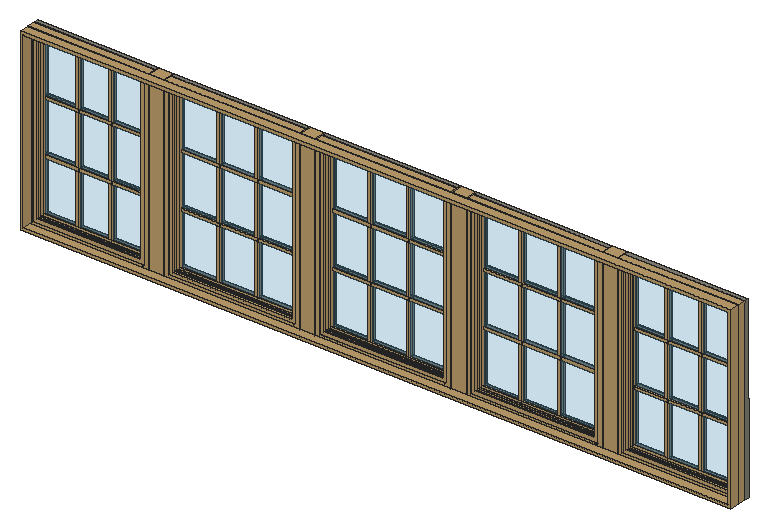
Revit family
Parameters (values of type "CCNTPRYCA3648")
  Window Type = "Clad Contemporary Casement"
  Vent Area = VO Width * VO Height * 2  # 14.5236 SF
  VO Width = if(Operating Width < 1' 8", Operating Width - 0' 9 19/32", Operating Width - 0' 7 7/64")  # 2' - 0 57/64"
  VO Height = Height - 0' 5 29/256"  # 3' - 6 3/256"
  URL = "www.marvin.com"
  Stationary Width = if(Standard Marvin Widths, Stationary Unit Standard Width, Stationary Unit Width)  # 3' - 0"
  Stationary Units Array = if(Stationary Units < 2, 2, Stationary Units)  # 3
  Stationary Units = (Mulled Units - 2)  # 3
  Stationary Unit Width = Nominal Width Center Unit  # 3' - 0"
  Standard Marvin Widths = yes
  Prairie Corner Width = 0' - 4"
  Prairie Corner Height = 0' - 4"
  Operating Width = if(Standard Marvin Widths, Operating Unit Standard Width, Operating Unit Width)  # 2' - 8"
  Operating Units = 2  # constant formula
  Operating Unit Width = 2' - 8"
  Operating Unit Standard Width = Calc_Width Operating  # 2' - 8"
  Stationary Unit Standard Width = Calc_Width Stationary  # 3' - 0"
  Stationary Unit Mull Width = (Stationary Units * Stationary Width) + ((Stationary Units + 1) * Mull Space)  # 10' - 4"
  Stationary Single Visibility = Mulled Units Array = 3  # no
  Stationary Array Visibility = Mulled Units Array > 3  # yes
  Space = if(Mull Space > 0' 0 1/32", Mull Space, 0' 0 1/32")  # 0' - 4"
  Plan Swing Angle [instance] = 15.00°
  Offset = if(Bottom Rail Standard, 0' 2 29/32", 0' 4 13/32")  # 0' - 2 29/32"
  Nominal Width Center Unit = 3' - 0"
  Nominal Height = 4' - 0"
  Muntins Interior Material = Wood-Marvin-Pine
  Muntins Exterior Material = Aluminum-Marvin-Bronze
  Mulled Units Array = if(Mulled Units < 2, 2, Mulled Units)  # 5
  Mulled Units = 5
  Mull Space Units = if(Mulled Units < 3, 2, (Mulled Units - 1))  # 4
  Mull Space Single Visibility = and(Mulled Units Array = 2, Mull Space > 0' 0 1/32")  # no
  Mull Space Array Visibility = and(Mulled Units Array > 2, Mull Space > 0' 0 1/32")  # yes
  Mull Space = 0' - 4"
  Model Flanker CCNTPRYCA = Calc_Model Width * 100 + Calc_Model Height  # 3248
  Model = "CCNTPRYCA3648"
  Manufacturer = "Marvin Windows and Doors"
  Lites Wide Operator Constraint = if(Operating Unit Standard Width > 1' 4", Lites Wide Operator, if(Lites Wide Operator < 2, 1, 2))  # 3
  Lites Wide Operator = 3
  Lites Wide Constraint = if(Stationary Unit Standard Width > 1' 4", Lites Wide, if(Lites Wide < 2, 1, 2))  # 3
  Lites Wide = 3
  Lites High Constraint = if(Nominal Height > 1' 4", Lites High, if(Lites High < 2, 1, 2))  # 3
  Lites High = 3
  Lite Cut Prairie 9 Constraint = if(and(and(Stationary Unit Standard Width > 1' 4", Nominal Height > 1' 4"), and(Operating Unit Standard Width > 1' 4"), Nominal Height > 1' 4"), Lite Cut Prairie 9, 1 = 0)  # no
  Lite Cut Prairie 9 = no
  Lite Cut HV Grid = not(Lite Cut Prairie 9)  # yes
  Label Visibility = no
  Label Egress = if(and(and(VO Width > 1' 8", VO Height > 2' 0"), Vent Area > 5.70 SF), "EGRESS WDW", "")  # "EGRESS WDW"
  Label [instance] = and(Label Visibility, Mulled Units > 2)  # no
  Interior Material = Wood-Marvin-Pine
  Glazing Material = Glass-Marvin-IG Low E II with Argon
  Glass Type = "IG Low E II with Argon"
  Frame = "Aluminum Clad"
  Family created by = "www.rbuiltcomponents.com"
  Rough Width = Width + 0' 1"  # 15' - 9"
  Rough Height = Height + 0' 0 1/2"  # 3' - 11 5/8"
  Muntins Interior Visibility = yes
  Muntins Exterior Visibility = yes
  Jamb Extension Visibility = yes
  Inset to Installation Flange [instance] = 0' - 1 1/4"
  Height = Nominal Height - 0' 0 7/8"  # 3' - 11 1/8"
  Egress Window = if(and(and(VO Width > 1' 8", VO Height > 2' 0"), Vent Area > 5.70 SF), "Yes", "No")  # "Yes"
  Disclaimer line1 [instance] = "Verify assembly availability"  # constant formula
  Disclaimer line2 [instance] = "with a Marvin representative"  # constant formula
  Design Pressure = "DP50"
  Description = "3648 CSMT"
  Default Head Height = 8' - 0"
  Wall Closure = (empty or 0)
  Width = Operating Width * 2 + Stationary Unit Mull Width  # 15' - 8"
  Daylight Area = (DLO Width Operating * DLO Height * 2) + (DLO Width Stationary * DLO Height * Stationary Units)  # 41.0077 SF
  DLO Width Stationary = Stationary Width - 0' 5 13/16"  # 2' - 6 3/16"
  DLO Width Operating = Operating Width - 0' 5 13/16"  # 2' - 2 3/16"
  DLO Height = if(Bottom Rail Standard, Height - 0' 5 13/16", Height - 0' 7 5/16")  # 3' - 5 5/16"
  Cladding Material = Aluminum-Marvin-Bronze
  Calc_Width Stationary = if(Stationary Unit Width < 1' 5", 1' 4", if(Stationary Unit Width < 1' 7", 1' 6", if(Stationary Unit Width < 1' 10", 1' 8", if(Stationary Unit Width < 2' 1", 2' 0", if(Stationary Unit Width < 2' 3", 2' 2", if(Stationary Unit Width < 2' 5", 2' 4", if(Stationary Unit Width < 2' 7", 2' 6", if(Stationary Unit Width < 2' 10", 2' 8", if(Stationary Unit Width < 3' 2", 3' 0", 3' 4")))))))))  # 3' - 0"
  Calc_Width Operating = if(Operating Unit Width < 1' 5", 1' 4", if(Operating Unit Width < 1' 7", 1' 6", if(Operating Unit Width < 1' 10", 1' 8", if(Operating Unit Width < 2' 1", 2' 0", if(Operating Unit Width < 2' 3", 2' 2", if(Operating Unit Width < 2' 5", 2' 4", if(Operating Unit Width < 2' 7", 2' 6", if(Operating Unit Width < 2' 10", 2' 8", if(Operating Unit Width < 3' 2", 3' 0", 3' 4")))))))))  # 2' - 8"
  Calc_Model Width = (Operating Unit Standard Width * 12) / 1' 0"  # 32
  Calc_Model Height = (Nominal Height * 12) / 1' 0"  # 48
  Bottom Rail Tall = no
  Bottom Rail Standard = not(Bottom Rail Tall)  # yes
  Assembly Code = ""
  Note To User = "All Lite Constraints Apply To Standard Widths Or Heights < 1 - 6"  # constant formula
Reference planes (in)
  plane 1 "Center (Front/Back)": y = 0
  plane 2: z = 0
  plane 3 "Center (Left/Right)": x = 37
  plane 4 "Sill": z = 48.875
  plane 5 "Top": z = 96
  plane 6: z = 72.4375
  plane 7: x = -25
  plane 8: x = 99
  plane 9: y = 1.75
  plane 10 "Jamb Ext face": y = -0.4375
  plane 11: x = -21
  plane 12: x = 95
  plane 13 "Right": x = -57
  plane 14 "Left": x = 131
  plane 15: y = -0.46875
Forms (in)
  Sweep 1, solid, material "Wood-Marvin-Pine" <- "Interior Material", visible <- "Jamb Extension Visibility", detail levels medium+fine
    path origin (0, -0.4375, 0) x (1, 0, 0) y (0, 0, 1)
      loop
        line (-57, 96) -> (-57, 48.875) -> (131, 48.875) -> (131, 96) -> (-57, 96)
    profile origin (37, -0.4375, 96) x (0, 0, 1) y (0, -1, 0)
      loop
        line (0, 0.03125) -> (0, 2.5625) -> (-0.6875, 2.5625) -> (-0.6875, 0.03125) -> (0, 0.03125)
Lines and regions (in)
  Opening 1
    outline origin (-60, -3, 0) x (1, 0, 0) y (0, 0, 1)
      loop
        line (3, 96) -> (3, 48.875) -> (191, 48.875) -> (191, 96) -> (3, 96)
  Masking region 1, visible <- "Jamb Extension Visibility"
    outline origin (0, 0, 48.875) x (0, -1, 0) y (1, 0, 0)
      loop
        line (0.46875, -57) -> (3, -57) -> (3, 131) -> (0.46875, 131) -> (0.46875, -57)
  Masking region 2
    outline origin (37, 0, 0) x (0, 1, 0) y (0, 0, 1)
      loop
        line (2.8125, 96) -> (-0.4375, 96) -> (-0.4375, 48.875) -> (2.8125, 48.875) -> (2.8125, 96)
  Masking region 3, visible <- "Jamb Extension Visibility"
    outline origin (37, 0, 0) x (0, 1, 0) y (0, 0, 1)
      loop
        line (-0.46875, 96) -> (-3, 96) -> (-3, 48.875) -> (-0.46875, 48.875) -> (-0.46875, 96)
  symbolic lines, style "Windows"
    curve 1: line (-57, 3, 0) -> (-57, -3, 0)
    curve 2: line (131, 3, 0) -> (131, -3, 0)
  symbolic lines, style "WindowsFrameMullionProjection", detail levels coarse+medium
    curve 3: line (-3, 2.8125, 96) -> (-3, 2.8125, 94.812)
    curve 4: line (-3, 2.8125, 94.812) -> (-3, -0.43699, 94.812)
    curve 5: line (-3, -0.43699, 94.812) -> (-3, -0.43699, 96)
    curve 6: line (-3, 2.78125, 94.812) -> (-3, 2.78125, 93.104)
    curve 7: line (-3, 2.78125, 93.104) -> (-3, 1.15625, 93.104)
    curve 8: line (-3, 1.15625, 50.063) -> (-3, 1.15625, 51.78125)
    curve 9: line (-3, 2.8125, 48.875) -> (-3, 2.8125, 50.063)
    curve 10: line (-3, 2.8125, 50.063) -> (-3, -0.4375, 50.063)
    curve 11: line (-3, -0.4375, 50.063) -> (-3, -0.4375, 48.875)
    curve 12: line (-3, 2.78125, 51.78125) -> (-3, 1.15625, 51.78125)
    curve 14: line (-3, 1.15625, 51.78125) -> (-3, 1.15625, 93.104)
    curve 15: line (-3, 2.78125, 51.78125) -> (-3, 2.78125, 50.063)
    curve 16: line (-3, 1.15625, 93.104) -> (-3, 1.15625, 94.812)
    curve 17: line (-3, 2.78125, 93.104) -> (-3, 2.78125, 51.78125)
  symbolic lines, style "WindowsGlassProjection", detail levels coarse+medium
    curve 13: line (-3, 1.96875, 93.104) -> (-3, 1.96875, 51.78125)
  symbolic lines, style "WindowsFrameMullionProjection"
    curve 18: line (-3, -0.4375, 50.063) -> (-3, -0.43699, 94.812)
  symbolic lines, style "WindowsFrameMullionProjection", visible <- "Jamb Extension Visibility", detail levels coarse+medium
    curve 19: line (37, -0.46875, 49.5625) -> (37, -3, 49.5625)
    curve 20: line (37, -3, 49.5625) -> (37, -3, 48.875)
    curve 25: line (37, -0.46875, 95.3125) -> (37, -3, 95.3125)
    curve 26: line (37, -3, 95.3125) -> (37, -3, 96)
    curve 27: line (-56.3125, -0.46875, 0) -> (-56.3125, -3, 0)
    curve 28: line (-56.3125, -3, 0) -> (-57, -3, 0)
    curve 29: line (130.3125, -0.46875, 0) -> (130.3125, -3, 0)
    curve 30: line (130.3125, -3, 0) -> (131, -3, 0)
  symbolic lines, style "Jamb Extension", visible <- "Jamb Extension Visibility", detail levels fine
    curve 21: line (37, -0.46875, 49.5625) -> (37, -3, 49.5625)
    curve 22: line (37, -3, 49.5625) -> (37, -3, 48.875)
    curve 23: line (37, -0.46875, 95.3125) -> (37, -3, 95.3125)
    curve 24: line (37, -3, 95.3125) -> (37, -3, 96)
    curve 31: line (130.3125, -0.46875, 0) -> (130.3125, -3, 0)
    curve 32: line (130.3125, -3, 0) -> (131, -3, 0)
    curve 33: line (-56.3125, -0.46875, 0) -> (-56.3125, -3, 0)
    curve 34: line (-56.3125, -3, 0) -> (-57, -3, 0)
Text (in)
  text "EXTERIOR" at (-58.6888, 50.90694, 0), in view "Ref. Level"
  text "INTERIOR" at (-58.6888, -37.76638, 0), in view "Ref. Level"
  text "Exterior" at (0, 43.65631, 123.19604), in view "Left"
  text "Exterior" at (0, 18.29385, 125.04747), in view "Right"
Dimensions and locks (in)
  "Height": plane 4 "Sill" to plane 5 "Top"
  equal spacing: plane 4 "Sill", plane 6, plane 5 "Top"
  "Default Head Height": plane 2 to plane 5 "Top"
  "Inset to Installation Flange": plane 9 to host wall
  locked: plane 10 "Jamb Ext face" to plane 9 at 2.1875
  nested 1 to host wall = 1' - 1"
  "Mull Space": plane 7 to plane 11
  "Mull Space": plane 12 to plane 8
  equal spacing: group 1, group 3, group 4, group 2  (x3)
  "Width": plane 13 "Right" to plane 14 "Left"
  equal spacing: plane 11, plane 3 "Center (Left/Right)", plane 12
  "Operating Width": plane 13 "Right" to plane 7
  "Operating Width": plane 8 to plane 14 "Left"
  equal spacing: group 5, group 7, group 6  (x3)
  equal spacing: plane 13 "Right", nested 8, plane 7
  equal spacing: plane 8, nested 9, plane 14 "Left"
  equal spacing: group 8, group 10, group 9  (x3)
  locked: plane 15 to plane 10 "Jamb Ext face" at 0.03125
  locked: Sweep 1 sketch curve to plane 5 "Top" at 0.6875
  aligned and locked: plane 5 "Top" to Opening 1 sketch curve
  aligned and locked: plane 4 "Sill" to Opening 1 sketch curve  (x2)
  aligned and locked: plane 3 "Center (Left/Right)" to nested 1
  aligned and locked: host wall to curve 1  (x2)
  aligned and locked: host wall to curve 2  (x2)
  aligned and locked: plane 3 "Center (Left/Right)" to nested 2
  aligned and locked: plane 9 to nested 2
  aligned and locked: plane 4 "Sill" to nested 3
  aligned and locked: plane 7 to nested 3
  aligned and locked: plane 9 to nested 3
  aligned and locked: nested 4 to plane 8
  aligned and locked: plane 9 to nested 4
  aligned and locked: nested 4 to plane 4 "Sill"
  aligned and locked: Masking region 1 sketch curve to host wall
  aligned and locked: plane 4 "Sill" to nested 5
  aligned and locked: plane 7 to nested 5
  aligned and locked: plane 9 to nested 5
  aligned and locked: plane 5 "Top" to Masking region 2 sketch curve
  aligned and locked: Masking region 2 sketch curve to plane 4 "Sill"
  aligned and locked: nested 8 to nested 1
  aligned and locked: nested 9 to nested 1
  aligned and locked: plane 14 "Left" to nested 11
  aligned and locked: nested 11 to plane 9
  aligned and locked: plane 13 "Right" to nested 10
  aligned and locked: plane 9 to nested 10
  aligned and locked: plane 14 "Left" to Opening 1 sketch curve
  aligned and locked: plane 13 "Right" to Opening 1 sketch curve
  aligned and locked: plane 11 to nested 12
  aligned and locked: plane 9 to nested 12
  aligned and locked: nested 13 to plane 12
  aligned and locked: plane 9 to nested 13
  aligned and locked: plane 3 "Center (Left/Right)" to nested 15
  aligned and locked: plane 9 to nested 15
  aligned and locked: Masking region 1 sketch curve to plane 14 "Left"
  aligned and locked: plane 13 "Right" to Masking region 1 sketch curve
  aligned and locked: curve 1 to plane 13 "Right"
  aligned and locked: curve 2 to plane 14 "Left"
  aligned and locked: plane 11 to nested 16
  aligned and locked: plane 9 to nested 16
  aligned and locked: nested 16 to plane 4 "Sill"
  aligned and locked: plane 13 "Right" to nested 17
  aligned and locked: plane 9 to nested 17
  aligned and locked: plane 14 "Left" to nested 18
  aligned and locked: plane 9 to nested 18
  aligned: plane 4 "Sill" to nested 18
  aligned: nested 17 to plane 4 "Sill"
  aligned and locked: plane 12 to nested 19
  aligned and locked: plane 9 to nested 19
  aligned and locked: nested 19 to plane 4 "Sill"
  aligned and locked: plane 15 to Masking region 1 sketch curve
  aligned and locked: Masking region 2 sketch curve to plane 10 "Jamb Ext face"
  aligned and locked: plane 5 "Top" to Masking region 3 sketch curve
  aligned and locked: Masking region 3 sketch curve to plane 4 "Sill"
  aligned and locked: Masking region 3 sketch curve to host wall
  aligned and locked: plane 15 to Masking region 3 sketch curve
  aligned and locked: plane 13 "Right" to Sweep 1 sketch curve
  aligned and locked: Sweep 1 sketch curve to plane 14 "Left"
  aligned and locked: Sweep 1 sketch curve to plane 4 "Sill"
  aligned and locked: plane 5 "Top" to Sweep 1 sketch curve
  aligned and locked: plane 15 to Sweep 1 sketch curve
  aligned and locked: Sweep 1 sketch curve to host wall
  aligned and locked: profile plane to Sweep 1 sketch curve
  aligned and locked: curve 19 to Sweep 1  (x2)
  aligned and locked: host wall to curve 19
  aligned and locked: curve 23 to Sweep 1  (x2)
  aligned and locked: curve 24 to Sweep 1
  aligned and locked: Sweep 1 to curve 27
  aligned and locked: curve 27 to Sweep 1
  aligned and locked: curve 28 to host wall
  aligned and locked: Sweep 1 to curve 29
  aligned and locked: curve 29 to Sweep 1
  aligned and locked: host wall to curve 30
  aligned and locked: nested 2 to plane 4 "Sill"
  aligned and locked: nested 21 to plane 9
  aligned: plane 5 "Top" to nested 21
  aligned and locked: Masking region 2 sketch curve to nested 21
  aligned and locked: curve 3 to nested 21
  aligned and locked: curve 4 to nested 21
  aligned and locked: curve 6 to nested 21
  aligned: nested 17 to nested 21
  aligned and locked: curve 12 to nested 21
  aligned and locked: curve 15 to nested 21
  aligned and locked: curve 11 to plane 10 "Jamb Ext face"
  aligned and locked: nested 21 to curve 8
  aligned and locked: curve 10 to nested 21
  aligned and locked: curve 9 to nested 21
  aligned: nested 17 to plane 5 "Top"
  aligned: plane 5 "Top" to nested 18
  aligned and locked: nested 17 to plane 4 "Sill"
  aligned and locked: plane 4 "Sill" to nested 18
  aligned and locked: nested 21 to plane 4 "Sill"
Automatic sketch dimensions
  curve 22 to plane 4 "Sill" = 0' - 0"
  curve 24 to plane 5 "Top" = 0' - 0"
  plane 5 "Top" to curve 5 = 0' - 0"
  plane 4 "Sill" to curve 11 = 0' - 0"
  plane 4 "Sill" to curve 9 = 0' - 0"
  plane 5 "Top" to curve 3 = 0' - 0"
  curve 5 to plane 10 "Jamb Ext face" = 0' - 0.00051"
  curve 14 to curve 16 = 0' - 1.708"
  curve 13 to plane 9 = 0' - 0 7/32"
Nested families (in)
  nested 1: "Label Annotation 1-16 w3" at (37, 16, 0), visible <- "Label", type "Label Annotation 1-16 w3"
  nested 2: "Window-Casement-Marvin-Clad_Ultimate" at (37, 1.75, 0), visible <- "Stationary Single Visibility", type "Stationary Unit"
    with Elevation Swing RH no, Elevation Swing LH no, Unit Width 3' - 0", DLO Width 2' - 6 3/16"
  nested 3: "Mull Space" at (-23, 1.75, 0), type "Mull Space"
  nested 4: "Mull Space" at (97, 1.75, 0), type "Mull Space"
  nested 5: "Mull Space" at (-23, 1.75, 0), visible <- "Mull Space Single Visibility", type "Mull Space"
  nested 6: "Mull Space" at (17, 1.75, 0), type "Mull Space"
  nested 7: "Mull Space" at (57, 1.75, 0), type "Mull Space"
  nested 8: "Label Annotation 1-16 w7" at (-41, 16, 0), visible <- "Label Visibility", type "Label Annotation 1-16 w7"
    with Model 3248
  nested 9: "Label Annotation 1-16 w7" at (115, 16, 0) x (-1, 0, 0) z (0, 0, 1), visible <- "Label Visibility", type "Label Annotation 1-16 w7"
    with Model 3248
  nested 10: "Plan_Detail_Operating" at (-41, 1.75, 0), type "Plan_Detail"
  nested 11: "Plan_Detail_Operating" at (115, 1.75, 0) x (-1, 0, 0) z (0, 0, 1), type "Plan_Detail"
  nested 12: "Plan_Detail" at (-3, 1.75, 0), visible <- "Stationary Array Visibility", type "Plan_Detail", detail levels fine
  nested 13: "Plan_Detail" at (77, 1.75, 0), visible <- "Stationary Array Visibility", type "Plan_Detail", detail levels fine
  nested 14: "Plan_Detail" at (37, 1.75, 0), visible <- "Stationary Array Visibility", type "Plan_Detail", detail levels fine
  nested 15: "Plan_Detail" at (37, 1.75, 0), visible <- "Stationary Single Visibility", type "Plan_Detail", detail levels fine
  nested 16: "Window-Casement-Marvin-Clad_Ultimate" at (-3, 1.75, 0), visible <- "Stationary Array Visibility", type "Stationary Unit"
    with Elevation Swing RH no, Elevation Swing LH no, Unit Width 3' - 0", DLO Width 2' - 6 3/16"
  nested 17: "Window-Casement-Marvin-Clad_Ultimate" at (-41, 1.75, 0), type "Operating Unit"
    with Elevation Swing RH yes, Elevation Swing LH no
  nested 18: "Window-Casement-Marvin-Clad_Ultimate" at (115, 1.75, 0), type "Operating Unit"
    with Elevation Swing RH no, Elevation Swing LH yes
  nested 19: "Window-Casement-Marvin-Clad_Ultimate" at (77, 1.75, 0), visible <- "Stationary Array Visibility", type "Stationary Unit"
    with Elevation Swing RH no, Elevation Swing LH no, Unit Width 3' - 0", DLO Width 2' - 6 3/16"
  nested 20: "Window-Casement-Marvin-Clad_Ultimate" at (37, 1.75, 0), visible <- "Stationary Array Visibility", type "Stationary Unit"
    with Elevation Swing RH no, Elevation Swing LH no, Unit Width 3' - 0", DLO Width 2' - 6 3/16"
  nested 21: "Casement_Section_Detail" at (37, 1.75, 48.875) x (0, -1, 0) z (1, 0, 0), type "Casement_Section_Detail", detail levels fine
    with Offset 0' - 2 29/32"
Definition of nested family "Window-Casement-Marvin-Clad_Ultimate"
  Parameters (values of type "Stationary Unit")
    Width = 0' - 0"
    Unit Width = 2' - 8"
    Prairie Corner Width = 0' - 4"
    Prairie Corner Height = 0' - 4"
    Offset = if(Bottom Rail Standard, 0' 1", 0' 0 27/32")  # 0' - 1"
    Muntins Interior Material = Wood-Marvin-Pine
    Muntins Interior = yes
    Muntins Exterior Material = Aluminum-Marvin-Bronze
    Muntins Exterior = yes
    Lites Wide = 3
    Lites High = 3
    Lite Cut Prairie 9 = no
    Lite Cut HV Grid = yes
    Interior Material = Wood-Marvin-Pine
    Height = 3' - 11 1/8"
    Glazing Material = Glass-Marvin-IG Low E II with Argon
    G Thickness2 = -0' - 0 1/8"  # constant formula
    G Thickness = 0' - 0 1/8"  # constant formula
    Elevation Swing RH [instance] = yes
    Elevation Swing LH [instance] = no
    DLO Width = 2' - 2 3/16"
    DLO Height = 3' - 5 5/16"
    Cladding Material = Aluminum-Marvin-Bronze
    Bottom Rail Standard = yes
    Bottom Rail Tall = no
    Bottom Rail = if(Bottom Rail Standard, 0' 2 29/32", 0' 4 13/32")  # 0' - 2 29/32"
    Assembly Code = ""
  Types (2): name
    Operating Unit
    Stationary Unit
  Reference planes (in)
    plane 1 "Center (Front/Back)": y = 0
    plane 2: z = 0
    plane 3 "Center (Left/Right)": x = 0
    plane 4: x = 16
    plane 5: x = -16
    plane 6 "Glazing": y = 0.65625
    plane 7: y = -2.1875
    plane 8: z = 96
    plane 9 "Sill": z = 48.875
    plane 10: z = 72.4375
    plane 11: x = 13.09375
    plane 12: x = -13.09375
    plane 13: z = 93.09375
    plane 14: z = 51.78125
    plane 15 "Glazing2": y = -0.125
  Forms (in)
    Sweep 1, solid, material "Aluminum-Marvin-Bronze" <- "Cladding Material"
      path origin (0, 0, 0) x (1, 0, 0) y (0, 0, 1)
        loop
          line (-16, 48.875) -> (16, 48.875) -> (16, 96) -> (-16, 96) -> (-16, 48.875)
      profile "Profile_Ext_Clad_Frame : Profile_Ext_Clad_Frame" origin (0, 0, 48.875) x (0, 0, 1) y (0, -1, 0)
        loop
          line (0, -1.0625) -> (0.625, -1.0625) -> (0.625, 0) -> (0, 0) -> (0, -1.0625)
    Sweep 2, solid, material "Wood-Marvin-Pine" <- "Interior Material"
      path origin (0, 0, 0) x (1, 0, 0) y (0, 0, 1)
        loop
          line (16, 48.875) -> (16, 96) -> (-16, 96) -> (-16, 48.875) -> (16, 48.875)
      profile "Profile_Int_Frame : Profile_Int_Frame" origin (0, 0, 48.875) x (0, 0, -1) y (0, -1, 0)
        loop
          line (0, 2.1875) -> (-1.188, 2.1875) -> (-1.188, 2.09375) -> (-2.1255, 2.09375) -> (-2.1255, 1.43702) -> (-2.313, 1.43702) -> (-2.313, 0.96849) -> (-2.5, 0.96849) -> (-2.5, 0.59375) -> (-0.625, 0.59375) -> (-0.625, 0) -> (0, 0) -> (0, 2.1875)
    Extrusion 3, solid, material "Glass-Marvin-IG Low E II with Argon" <- "Glazing Material"
      sketch origin (0, 0.65625, 0) x (1, 0, 0) y (0, 0, 1)
        loop
          line (13.75, 93.75) -> (-13.75, 93.75) -> (-13.75, 51.125) -> (13.75, 51.125) -> (13.75, 93.75)
      from 0 to 0.125 <- "G Thickness"
    Sweep 4, solid, material "Aluminum-Marvin-Bronze" <- "Cladding Material"
      path origin (0, 0.65625, 0) x (1, 0, 0) y (0, 0, 1)
        loop
          line (13.09375, 51.78125) -> (13.09375, 93.09375) -> (-13.09375, 93.09375) -> (-13.09375, 51.78125) -> (13.09375, 51.78125)
      profile "Profile_Ext_Clad_Sash : Profile_Ext_Clad_Sash" origin (0, 0.65625, 51.78125) x (0, 0, -1) y (0, -1, 0)
        loop
          line (2.0625, -0.375) -> (2.0625, 0) -> (0, 0) -> (0, -0.07739) -> (0.15625, -0.23364) -> (0.15625, -0.375) -> (2.0625, -0.375)
    Sweep 5, solid, material "Wood-Marvin-Pine" <- "Interior Material"
      path origin (0, 0.65625, 0) x (1, 0, 0) y (0, 0, 1)
        loop
          line (13.09375, 51.78125) -> (13.09375, 93.09375) -> (-13.09375, 93.09375) -> (-13.09375, 51.78125) -> (13.09375, 51.78125)
      profile "Profile_Int_Sash : Profile_Int_Sash" origin (0, 0.65625, 51.78125) x (0, 0, -1) y (0, -1, 0)
        loop
          line (1.78125, 0) -> (1.78125, 1.25) -> (0, 1.25) -> (0, 0.78125) -> (0.65625, 0.78125) -> (0.65625, 0) -> (1.78125, 0)
    Extrusion 6, solid, material "Glass-Marvin-IG Low E II with Argon" <- "Glazing Material"
      sketch origin (0, -0.125, 0) x (1, 0, 0) y (0, 0, 1)
        loop
          line (13.75, 93.75) -> (-13.75, 93.75) -> (-13.75, 51.125) -> (13.75, 51.125) -> (13.75, 93.75)
      from -0.125 <- "G Thickness2" to 0
    Sweep 7, solid, material "Aluminum-Marvin-Bronze" <- "Cladding Material"
      path in 3D
        loop
          line (15.15625, 1.03125, 49.71875) -> (-15.15625, 1.03125, 49.71875)
      profile origin (0, 1.03125, 49.71875) x (0, 1, 0) y (0, 0, -1)
        loop
          line (0, 0) -> (-0.375, 0) -> (-0.375, -0.15625) -> (0, -0.15625) -> (0, 0)
    Sweep 8, solid, material "Wood-Marvin-Pine" <- "Interior Material"
      path in 3D
        loop
          line (14.875, -0.59375, 50) -> (-14.875, -0.59375, 50)
      profile origin (0, -0.59375, 50) x (0, 1, 0) y (0, 0, -1)
        loop
          line (0, 0) -> (1.25, 0) -> (1.25, 0.125) -> (0, 0.125) -> (0, 0)
  Cuts and joins
    joined: Sweep 4, Sweep 7
    joined: Sweep 5, Sweep 8
  Lines and regions (in)
    Masking region 1
      outline origin (0, 0, 48.875) x (1, 0, 0) y (0, 1, 0)
        loop
          line (-16, 1.0625) -> (-16, -2.1875) -> (16, -2.1875) -> (16, 1.0625) -> (-16, 1.0625)
    symbolic lines, style "Elevation Swing", visible <- "Elevation Swing RH"
      curve 1: line (15.37685, 0, 49.49815) -> (-15.37685, 0, 72.4375)
      curve 2: line (15.37685, 0, 95.37685) -> (-15.37685, 0, 72.4375)
    symbolic lines, style "Elevation Swing", visible <- "Elevation Swing LH"
      curve 3: line (-15.37685, 0, 49.49815) -> (15.37685, 0, 72.4375)
      curve 4: line (-15.37685, 0, 95.37685) -> (15.37685, 0, 72.4375)
    symbolic lines, style "WindowsFrameMullionProjection", detail levels coarse+medium
      curve 5: line (-14.875, -2.18699, 48.875) -> (-16, -2.18699, 48.875)
      curve 6: line (-14.875, 1.0625, 48.875) -> (-14.875, -2.18699, 48.875)
      curve 7: line (-16, 1.0625, 48.875) -> (-14.875, 1.0625, 48.875)
      curve 8: line (-16, -2.18699, 48.875) -> (-16, 1.0625, 48.875)
      curve 9: line (14.875, -2.18699, 48.875) -> (16, -2.18699, 48.875)
      curve 10: line (14.875, 1.0625, 48.875) -> (14.875, -2.18699, 48.875)
      curve 11: line (16, 1.0625, 48.875) -> (14.875, 1.0625, 48.875)
      curve 12: line (16, -2.18699, 48.875) -> (16, 1.0625, 48.875)
      curve 13: line (-14.875, 1.03125, 48.875) -> (-13.09375, 1.03125, 48.875)
      curve 14: line (-13.09375, -0.59375, 48.875) -> (-14.875, -0.59375, 48.875)
      curve 15: line (-13.09375, 1.03125, 48.875) -> (-13.09375, -0.59375, 48.875)
      curve 16: line (14.875, 1.03125, 48.875) -> (13.09375, 1.03125, 48.875)
      curve 17: line (13.09375, -0.59375, 48.875) -> (14.875, -0.59375, 48.875)
      curve 18: line (13.09375, 1.03125, 48.875) -> (13.09375, -0.59375, 48.875)
      curve 20: line (-13.09375, 1.03125, 48.875) -> (13.09375, 1.03125, 48.875)
      curve 21: line (-13.09375, -0.59375, 48.875) -> (13.09375, -0.59375, 48.875)
    symbolic lines, style "WindowsGlassProjection", detail levels coarse+medium
      curve 19: line (-13.09375, 0.22976, 48.875) -> (13.09375, 0.22976, 48.875)
    sketch lines
      curve 22: line (15.15625, 1.03125, 49.71875) -> (-15.15625, 1.03125, 49.71875)
      curve 23: line (14.875, -0.59375, 50) -> (-14.875, -0.59375, 50)
  Dimensions and locks (in)
    equal spacing: plane 5, plane 3 "Center (Left/Right)", plane 4
    "Unit Width": plane 5 to plane 4
    locked: plane 1 "Center (Front/Back)" to plane 6 "Glazing" at 0.65625
    locked: plane 7 to plane 1 "Center (Front/Back)" at 2.1875
    plane 2 to plane 8 = 8' - 0"
    "Height": plane 9 "Sill" to plane 8
    equal spacing: plane 9 "Sill", plane 10, plane 8
    locked: plane 13 to Extrusion 3 sketch curve at 0.65625
    locked: Extrusion 3 sketch curve to plane 14 at 0.65625
    locked: plane 12 to Extrusion 3 sketch curve at 0.65625
    locked: Extrusion 3 sketch curve to plane 11 at 0.65625
    locked: plane 13 to plane 8 at 2.90625
    "Bottom Rail": plane 9 "Sill" to plane 14
    locked: plane 5 to plane 12 at 2.90625
    locked: plane 11 to plane 4 at 2.90625
    locked: plane 15 "Glazing2" to plane 6 "Glazing" at 0.78125
    locked: Extrusion 6 sketch curve to plane 11 at 0.65625
    locked: plane 12 to Extrusion 6 sketch curve at 0.65625
    locked: plane 13 to Extrusion 6 sketch curve at 0.65625
    locked: Extrusion 6 sketch curve to plane 14 at 0.65625
    "Offset": Sweep 7 sketch curve to plane 9 "Sill"
    "Offset": plane 9 "Sill" to Sweep 8 sketch curve
    aligned and locked: Sweep 1 sketch curve to plane 4
    aligned and locked: plane 9 "Sill" to Sweep 1 sketch curve
    aligned and locked: plane 5 to Sweep 1 sketch curve
    aligned and locked: Sweep 1 sketch curve to plane 8
    aligned and locked: plane 9 "Sill" to Sweep 2 sketch curve
    aligned and locked: Sweep 2 sketch curve to plane 8
    aligned and locked: Sweep 2 sketch curve to plane 4
    aligned and locked: plane 5 to Sweep 2 sketch curve
    aligned and locked: Extrusion 3 to plane 6 "Glazing"
    aligned: Extrusion 3 to Sweep 2
    aligned and locked: plane 5 to Masking region 1 sketch curve
    aligned and locked: Masking region 1 sketch curve to plane 4
    aligned and locked: Masking region 1 sketch curve to plane 7
    aligned and locked: plane 6 "Glazing" to nested 2
    aligned: nested 1 to Sweep 2
    aligned and locked: nested 2 to plane 3 "Center (Left/Right)"
    aligned and locked: plane 3 "Center (Left/Right)" to nested 1
    aligned and locked: plane 11 to Sweep 4 sketch curve
    aligned and locked: Sweep 4 sketch curve to plane 12
    aligned and locked: Sweep 4 sketch curve to plane 14
    aligned and locked: plane 13 to Sweep 4 sketch curve
    aligned and locked: Sweep 5 sketch curve to plane 14
    aligned and locked: Sweep 5 sketch curve to plane 12
    aligned and locked: plane 13 to Sweep 5 sketch curve
    aligned and locked: plane 11 to Sweep 5 sketch curve
    aligned and locked: plane 15 "Glazing2" to nested 1
    aligned and locked: Masking region 1 sketch curve to Sweep 1
    aligned and locked: curve 7 to Sweep 1
    aligned and locked: curve 11 to Sweep 1
    aligned and locked: Sweep 4 to curve 16
    aligned and locked: curve 13 to Sweep 4
    aligned and locked: curve 15 to plane 12
    aligned and locked: curve 18 to plane 11
    aligned and locked: Sweep 5 to curve 17
    aligned and locked: curve 14 to Sweep 5
    aligned and locked: curve 6 to Sweep 5
    aligned and locked: curve 10 to Sweep 5
    aligned and locked: Sweep 7 sketch curve to Sweep 4  (x2)
    aligned and locked: Sweep 7 sketch curve to plane 6 "Glazing"
    aligned and locked: Sweep 8 sketch curve to Sweep 5  (x2)
    aligned and locked: Sweep 8 sketch curve to cut or joined group of Sweep 4, Sweep 7
    aligned and locked: nested 2 to plane 13
    aligned and locked: plane 13 to nested 1
  Automatic sketch dimensions
    curve 1 to plane 10 = 0' - 0"
    curve 3 to plane 10 = 0' - 0"
    plane 5 to curve 1 = 0' - 0.62315"
    plane 5 to curve 3 = 0' - 0.62315"
    plane 5 to curve 4 = 0' - 0.62315"
    curve 3 to plane 4 = 0' - 0.62315"
    curve 2 to plane 4 = 0' - 0.62315"
    curve 1 to plane 4 = 0' - 0.62315"
    plane 9 "Sill" to curve 1 = 0' - 0.62315"
    plane 9 "Sill" to curve 3 = 0' - 0.62315"
    curve 4 to plane 8 = 0' - 0.62315"
    curve 2 to plane 8 = 0' - 0.62315"
    curve 5 to plane 5 = 0' - 0"
    curve 11 to plane 4 = 0' - 0"
    curve 12 to plane 7 = 0' - 0.00051"
    curve 8 to plane 7 = 0' - 0.00051"
    curve 19 to plane 1 "Center (Front/Back)" = 0' - 0.22976"
  Nested families (in)
    nested 1: "Muntins" at (0, -0.125, 15.84375), Muntin Material <- "Muntins Interior Material", visible <- "Muntins Interior", type "Muntins"
      with MuntinDepth 0' - 0 5/16", Muntin Material Wood-Marvin-Pine, Muntin Extension 0' - 0 5/16", GlazingWidth 2' - 2 3/16", GlazingHeight 3' - 5 5/16", Width 2' - 2 1/2", Height 3' - 5 5/8", Inset Vert 0' - 8.45833", Inset Horiz 1' - 1 1/2"
    nested 2: "Muntins" at (0, 0.65625, 15.84375), Muntin Material <- "Muntins Exterior Material", visible <- "Muntins Exterior", type "Muntins"
      with MuntinDepth 0' - 0 5/16", Muntin Material Aluminum-Marvin-Bronze, Muntin Extension 0' - 0 5/16", GlazingWidth 2' - 2 3/16", GlazingHeight 3' - 5 5/16", Width 2' - 2 1/2", Height 3' - 5 5/8", Inset Vert 0' - 8.45833", Inset Horiz 1' - 1 1/2"
  Definition of nested family "Muntins"
    Parameters (values of type "Muntins")
      PrairieMuntVisible = no
      Prairie Corner Width = 0' - 4"
      Prairie Corner Height = 0' - 4"
      Muntin Extension = 0' - 0 7/16"
      GridMuntVisible = yes
      GlazingWidth = 2' - 0"
      GlazingHeight = 2' - 11 1/8"
      Width = GlazingWidth + Muntin Extension  # 2' - 0 7/16"
      VerticalMuntins = if(LitesHorizontal < 3, 2, LitesHorizontal - 1)  # 2
      VertMuntVisible = and(GridMuntVisible, LitesHorizontal > 2)  # yes
      MuntinWidth = 0' - 0 3/4"
      MuntinDepth [instance] = 0' - 0 3/8"
      Muntin Material [instance] = none
      LitesVertical = 3
      LitesHorizontal = 3
      HorizontalMuntins = if(LitesVertical < 3, 2, LitesVertical - 1)  # 2
      HorizMuntVisible = and(GridMuntVisible, LitesVertical > 2)  # yes
      Height = GlazingHeight + Muntin Extension  # 2' - 11 9/16"
      Inset Vert = if(LitesHorizontal < 3, (Width / 3) - (MuntinWidth / 2), (Width / LitesHorizontal) - (MuntinWidth / 2))  # 0' - 7.77083"
      Inset Horiz = if(LitesVertical < 3, (Height / 3) - (MuntinWidth / 2), (Height / LitesVertical) - (MuntinWidth / 2))  # 0' - 11.47917"
      CenterMuntinVertical = and(GridMuntVisible, LitesHorizontal = 2)  # no
      CenterMuntinHorizontal = and(GridMuntVisible, LitesVertical = 2)  # no
      Assembly Code = ""
    Reference planes (in)
      plane 1 "Center (Front/Back)": y = 0
      plane 2: z = 0
      plane 3 "Center (Left/Right)": x = 0
      plane 4: z = 35.78125
      plane 5: z = 53.5625
      plane 6: z = 71.34375
      plane 7: z = 59.86458
      plane 8: z = 47.26042
      plane 9: z = 71.125
      plane 10: z = 36
      plane 11: x = -12
      plane 12: x = 12
      plane 13: x = -4.44792
      plane 14: x = -12.21875
      plane 15: x = 12.21875
      plane 16: x = 4.44792
      plane 17: z = 67.125
      plane 18: z = 40
      plane 19: x = -8
      plane 20: x = 8
    Forms (in)
      Extrusion 1, solid, material <- "Muntin Material", visible <- "CenterMuntinVertical", detail levels medium+fine
        sketch origin (9, 0, 0) x (1, 0, 0) y (0, 0, 1)
          loop
            line (-9.375, 71.34375) -> (-9.375, 35.78125) -> (-8.625, 35.78125) -> (-8.625, 71.34375) -> (-9.375, 71.34375)
        from 0 to 0.375 <- "MuntinDepth"
      Extrusion 2, solid, material <- "Muntin Material", visible <- "CenterMuntinHorizontal", detail levels medium+fine
        sketch origin (-0.0013, 0, 14.6875) x (1, 0, 0) y (0, 0, 1)
          loop
            line (-12.21745, 39.25) -> (-12.21745, 38.5) -> (12.22005, 38.5) -> (12.22005, 39.25) -> (-12.21745, 39.25)
        from 0 to 0.375 <- "MuntinDepth"
      Extrusion 3, solid, material <- "Muntin Material", visible <- "VertMuntVisible", detail levels medium+fine
        sketch origin (4.92708, 0, -2.90625) x (1, 0, 0) y (0, 0, 1)
          loop
            line (-9.375, 74.25) -> (-9.375, 38.6875) -> (-8.625, 38.6875) -> (-8.625, 74.25) -> (-9.375, 74.25)
        from 0 to 0.375 <- "MuntinDepth"
      Extrusion 4, solid, material <- "Muntin Material", visible <- "HorizMuntVisible", detail levels medium+fine
        sketch origin (-3.09635, 0, 14.17708) x (1, 0, 0) y (0, 0, 1)
          loop
            line (-9.1224, 45.6875) -> (-9.1224, 44.9375) -> (15.3151, 44.9375) -> (15.3151, 45.6875) -> (-9.1224, 45.6875)
        from 0 to 0.375 <- "MuntinDepth"
      Extrusion 5, solid, material <- "Muntin Material", visible <- "HorizMuntVisible", detail levels medium+fine
        sketch origin (-3.09635, 0, 2.32292) x (1, 0, 0) y (0, 0, 1)
          loop
            line (-9.1224, 45.6875) -> (-9.1224, 44.9375) -> (15.3151, 44.9375) -> (15.3151, 45.6875) -> (-9.1224, 45.6875)
        from 0 to 0.375 <- "MuntinDepth"
      Extrusion 6, solid, material <- "Muntin Material", visible <- "VertMuntVisible", detail levels medium+fine
        sketch origin (13.07292, 0, -2.90625) x (1, 0, 0) y (0, 0, 1)
          loop
            line (-9.375, 74.25) -> (-9.375, 38.6875) -> (-8.625, 38.6875) -> (-8.625, 74.25) -> (-9.375, 74.25)
        from 0 to 0.375 <- "MuntinDepth"
      Extrusion 7, solid, material <- "Muntin Material", visible <- "PrairieMuntVisible", detail levels medium+fine
        sketch origin (1, 0, 0) x (1, 0, 0) y (0, 0, 1)
          loop
            line (-9, 71.34375) -> (-9, 35.78125) -> (-8.25, 35.78125) -> (-8.25, 71.34375) -> (-9, 71.34375)
        from 0 to 0.375 <- "MuntinDepth"
      Extrusion 8, solid, material <- "Muntin Material", visible <- "PrairieMuntVisible", detail levels medium+fine
        sketch origin (17, 0, 0) x (1, 0, 0) y (0, 0, 1)
          loop
            line (-9.75, 71.34375) -> (-9.75, 35.78125) -> (-9, 35.78125) -> (-9, 71.34375) -> (-9.75, 71.34375)
        from 0 to 0.375 <- "MuntinDepth"
      Extrusion 9, solid, material <- "Muntin Material", visible <- "PrairieMuntVisible", detail levels medium+fine
        sketch origin (-0.0013, 0, 28.25) x (1, 0, 0) y (0, 0, 1)
          loop
            line (-12.21745, 38.875) -> (-12.21745, 38.125) -> (12.22005, 38.125) -> (12.22005, 38.875) -> (-12.21745, 38.875)
        from 0 to 0.375 <- "MuntinDepth"
      Extrusion 10, solid, material <- "Muntin Material", visible <- "PrairieMuntVisible", detail levels medium+fine
        sketch origin (-0.0013, 0, 1.125) x (1, 0, 0) y (0, 0, 1)
          loop
            line (-12.21745, 39.625) -> (-12.21745, 38.875) -> (12.22005, 38.875) -> (12.22005, 39.625) -> (-12.21745, 39.625)
        from 0 to 0.375 <- "MuntinDepth"
    Cuts and joins
      joined: Extrusion 7, Extrusion 8, Extrusion 9, Extrusion 10
    Lines and regions (in)
      model lines, style "Muntins", visible <- "CenterMuntinHorizontal", detail levels coarse
        curve 1: line (-12.21875, 0, 53.5625) -> (12.21875, 0, 53.5625)
      model lines, style "Muntins", visible <- "HorizMuntVisible", detail levels coarse
        curve 2: line (-12.21875, 0, 59.48958) -> (12.21875, 0, 59.48958)
        curve 3: line (-12.21875, 0, 47.63542) -> (12.21875, 0, 47.63542)
      model lines, style "Muntins", visible <- "CenterMuntinVertical", detail levels coarse
        curve 4: line (0, 0, 71.34375) -> (0, 0, 35.78125)
      model lines, style "Muntins", visible <- "VertMuntVisible", detail levels coarse
        curve 5: line (-4.07292, 0, 71.34375) -> (-4.07292, 0, 35.78125)
        curve 6: line (4.07292, 0, 71.34375) -> (4.07292, 0, 35.78125)
      model lines, style "Muntins", visible <- "PrairieMuntVisible", detail levels coarse
        curve 7: line (-12.21875, 0, 66.75) -> (12.21875, 0, 66.75)
        curve 8: line (-12.21875, 0, 40.375) -> (12.21875, 0, 40.375)
        curve 9: line (-7.625, 0, 35.78125) -> (-7.625, 0, 71.34375)
        curve 10: line (7.625, 0, 35.78125) -> (7.625, 0, 71.34375)
    Dimensions and locks (in)
      "Inset Horiz": plane 6 to plane 7
      "Inset Horiz": plane 8 to plane 4
      equal spacing: plane 6, plane 5, plane 4
      "Height": plane 6 to plane 4
      "GlazingHeight": plane 9 to plane 10
      equal spacing: plane 9, plane 5, plane 10
      "GlazingWidth": plane 12 to plane 11
      equal spacing: plane 12, plane 3 "Center (Left/Right)", plane 11
      "MuntinWidth": Extrusion 1 sketch curve to Extrusion 1 sketch curve
      "Height": Extrusion 1 sketch curve to Extrusion 1 sketch curve
      "MuntinWidth": Extrusion 2 sketch curve to Extrusion 2 sketch curve
      "Width": Extrusion 2 sketch curve to Extrusion 2 sketch curve
      "MuntinWidth": Extrusion 3 sketch curve to Extrusion 3 sketch curve
      "Height": Extrusion 3 sketch curve to Extrusion 3 sketch curve
      "Width": plane 15 to plane 14
      equal spacing: plane 15, plane 3 "Center (Left/Right)", plane 14
      "Inset Vert": plane 13 to plane 14
      "Inset Vert": plane 15 to plane 16
      "MuntinWidth": Extrusion 4 sketch curve to Extrusion 4 sketch curve
      "Width": Extrusion 4 sketch curve to Extrusion 4 sketch curve
      "MuntinWidth": Extrusion 5 sketch curve to Extrusion 5 sketch curve
      "Width": Extrusion 5 sketch curve to Extrusion 5 sketch curve
      group 2 to group 3 = 0' - 0"  (x2)
      group 3 to group 2 = 0' - 11.85417"
      "MuntinWidth": Extrusion 6 sketch curve to Extrusion 6 sketch curve
      "Height": Extrusion 6 sketch curve to Extrusion 6 sketch curve
      group 4 to group 5 = 0' - 8.14583"
      group 4 to group 5 = 0' - 0"  (x2)
      "Prairie Corner Width": plane 19 to plane 11
      "Prairie Corner Width": plane 20 to plane 12
      "Prairie Corner Height": plane 9 to plane 17
      "Prairie Corner Height": plane 18 to plane 10
      "MuntinWidth": Extrusion 7 sketch curve to Extrusion 7 sketch curve
      "Height": Extrusion 7 sketch curve to Extrusion 7 sketch curve
      "MuntinWidth": Extrusion 8 sketch curve to Extrusion 8 sketch curve
      "Height": Extrusion 8 sketch curve to Extrusion 8 sketch curve
      "MuntinWidth": Extrusion 9 sketch curve to Extrusion 9 sketch curve
      "Width": Extrusion 9 sketch curve to Extrusion 9 sketch curve
      "MuntinWidth": Extrusion 10 sketch curve to Extrusion 10 sketch curve
      "Width": Extrusion 10 sketch curve to Extrusion 10 sketch curve
      aligned and locked: plane 6 to Extrusion 1  (x2)
      aligned and locked: Extrusion 1 to plane 4  (x3)
      aligned and locked: Extrusion 3 to plane 13  (x5)
      aligned and locked: Extrusion 3 to plane 4  (x3)
      aligned and locked: Extrusion 2 to plane 14
      aligned and locked: plane 15 to Extrusion 2
      aligned and locked: plane 6 to Extrusion 3
      aligned and locked: plane 7 to Extrusion 4
      aligned and locked: Extrusion 4 to plane 14
      aligned and locked: plane 15 to Extrusion 4
      aligned and locked: curve 1 to plane 5
      aligned and locked: plane 14 to curve 1
      aligned and locked: plane 15 to curve 1
      aligned and locked: Extrusion 5 to plane 14
      aligned and locked: Extrusion 5 to plane 8
      aligned and locked: plane 15 to Extrusion 5
      aligned and locked: Extrusion 5 to curve 3  (x2)
      aligned and locked: Extrusion 4 to curve 2  (x2)
      aligned and locked: curve 4 to plane 3 "Center (Left/Right)"
      aligned and locked: Extrusion 1 to curve 4  (x2)
      aligned and locked: Extrusion 3 to curve 5  (x2)
      aligned and locked: Extrusion 6 to curve 6  (x2)
      aligned and locked: Extrusion 6 to plane 16
      aligned and locked: plane 6 to Extrusion 6
      aligned and locked: plane 6 to curve 6
      aligned and locked: Extrusion 6 to plane 4
      aligned and locked: plane 4 to curve 6
      aligned and locked: cut or joined group of Extrusion 7, Extrusion 8, Extrusion 9, Extrusion 10 to plane 19
      aligned and locked: plane 20 to cut or joined group of Extrusion 7, Extrusion 8, Extrusion 9, Extrusion 10
      aligned and locked: plane 17 to cut or joined group of Extrusion 7, Extrusion 8, Extrusion 9, Extrusion 10
      aligned and locked: cut or joined group of Extrusion 7, Extrusion 8, Extrusion 9, Extrusion 10 to plane 18
      aligned and locked: cut or joined group of Extrusion 7, Extrusion 8, Extrusion 9, Extrusion 10 to curve 7  (x2)
      aligned and locked: cut or joined group of Extrusion 7, Extrusion 8, Extrusion 9, Extrusion 10 to curve 8  (x2)
      aligned and locked: cut or joined group of Extrusion 7, Extrusion 8, Extrusion 9, Extrusion 10 to curve 9  (x2)
      aligned and locked: cut or joined group of Extrusion 7, Extrusion 8, Extrusion 9, Extrusion 10 to curve 10  (x2)
    Automatic sketch dimensions
      Extrusion 1 sketch curve to plane 4 = 0' - 0"
      Extrusion 1 sketch curve to plane 3 "Center (Left/Right)" = 0' - 0 3/8"
      Extrusion 2 sketch curve to plane 14 = 0' - 0"
      Extrusion 2 sketch curve to plane 5 = 0' - 0 3/8"
      Extrusion 7 sketch curve to plane 4 = 0' - 0"
      Extrusion 7 sketch curve to plane 19 = 0' - 0"
      Extrusion 8 sketch curve to plane 4 = 0' - 0"
      Extrusion 8 sketch curve to plane 20 = 0' - 0 3/4"
      Extrusion 9 sketch curve to plane 14 = 0' - 0"
      Extrusion 9 sketch curve to plane 17 = 0' - 0 3/4"
      Extrusion 10 sketch curve to plane 14 = 0' - 0"
      Extrusion 10 sketch curve to plane 18 = 0' - 0"
      plane 19 to curve 9 = 0' - 0 3/8"
      curve 10 to plane 20 = 0' - 0 3/8"
      plane 18 to curve 8 = 0' - 0 3/8"
      curve 7 to plane 17 = 0' - 0 3/8"
Definition of nested family "Mull Space"
  Parameters (values of type "Mull Space")
    Mull Space = 0' - 4"
    Interior Finish = Wood-Marvin-Pine
    Height = 3' - 11 1/8"
    Cladding Finish = Aluminum-Marvin-Bronze
    Assembly Code = ""
  Reference planes (in)
    plane 1 "Center (Front/Back)": y = 0
    plane 2: z = 0
    plane 3 "Center (Left/Right)": x = 0
    plane 4: y = -2.1875
    plane 5: y = 1.0625
    plane 6: x = 2
    plane 7: x = -2
    plane 8: z = 96
    plane 9 "Sill": z = 48.875
  Forms (in)
    Extrusion 1, solid, material "Wood-Marvin-Pine" <- "Interior Finish"
      sketch origin (0, 0, 0) x (1, 0, 0) y (0, 1, 0)
        loop
          line (-2, 1.0625) -> (-2, -2.1875) -> (2, -2.1875) -> (2, 1.0625) -> (-2, 1.0625)
      from 48.875 to 96
  Lines and regions (in)
    Masking region 1
      outline origin (0, 0, 48.875) x (1, 0, 0) y (0, 1, 0)
        loop
          line (-2, 1.0625) -> (-2, -2.1875) -> (2, -2.1875) -> (2, 1.0625) -> (-2, 1.0625)
    Split face 1
      outline origin (0, 0, 96) x (1, 0, 0) y (0, 1, 0)
        loop
          line (2, 0) -> (-2, 0)
    Split face 2
      outline origin (0, 0, 48.875) x (1, 0, 0) y (0, 1, 0)
        loop
          line (2, 0) -> (-2, 0)
    symbolic lines, style "WindowsFrameMullionProjection", detail levels coarse+medium
      curve 1: line (-2, 1.0625, 48.875) -> (2, 1.0625, 48.875)
      curve 2: line (-2, -2.1875, 48.875) -> (2, -2.1875, 48.875)
  Dimensions and locks (in)
    locked: plane 4 to plane 1 "Center (Front/Back)" at 2.1875
    locked: plane 1 "Center (Front/Back)" to plane 5 at 1.0625
    equal spacing: plane 7, plane 3 "Center (Left/Right)", plane 6
    "Mull Space": plane 7 to plane 6
    "Height": plane 9 "Sill" to plane 8
    aligned and locked: plane 5 to Extrusion 1 sketch curve
    aligned and locked: Extrusion 1 sketch curve to plane 4
    aligned and locked: Extrusion 1 sketch curve to plane 6
    aligned and locked: plane 7 to Extrusion 1 sketch curve
    aligned and locked: plane 8 to Extrusion 1
    aligned and locked: plane 7 to Masking region 1 sketch curve
    aligned and locked: Masking region 1 sketch curve to plane 6
    aligned and locked: plane 5 to Masking region 1 sketch curve
    aligned and locked: Masking region 1 sketch curve to plane 4
    aligned and locked: Split face 1 sketch curve to plane 1 "Center (Front/Back)"
    aligned and locked: Split face 2 sketch curve to plane 1 "Center (Front/Back)"
    aligned and locked: Extrusion 1 to plane 9 "Sill"
  Automatic sketch dimensions
    Split face 1 sketch curve to Extrusion 1 = 0' - 0"  (x2)
    Split face 2 sketch curve to Extrusion 1 = 0' - 0"  (x2)
    curve 2 to plane 4 = 0' - 0"
    curve 2 to plane 7 = 0' - 0"
    curve 1 to plane 5 = 0' - 0"
    curve 1 to plane 7 = 0' - 0"
    curve 2 to plane 6 = 0' - 0"
    curve 1 to plane 6 = 0' - 0"
Definition of nested family "Label Annotation 1-16 w3"
  Parameters (values of type "Label Annotation 1-16 w3")
    Mulled Units = 3
    Egress Info = "EGRESS WDW"
    Description = "3648 CSMT"
  Reference planes (in)
    plane 1: y = 0
    plane 2: x = 0
  Text (in)
    label "Mulled Units X Description Egress Info" at (0.00375, -0.00345, 0), shows "Mulled Units", "Description", "Egress Info"
Definition of nested family "Label Annotation 1-16 w7"
  Parameters
    Model = 0
    Label = ""
    Egress Info = "EGRESS WDW"
    Description = "CSMT"
  Reference planes (in)
    plane 1: y = 0
    plane 2: x = 0
  Text (in)
    label "Model Description\n\nEgress Info" at (0.00375, -0.00345, 0), shows "Model", "Description", "Egress Info"
Definition of nested family "Plan_Detail_Operating"
  Parameters (values of type "Plan_Detail")
    Width = 2' - 8"
    Swing Angle = 15.00°
    Plan Swing RH = no
    Plan Swing Length = Width - 0' 2 3/8"  # 2' - 5 5/8"
    Plan Swing LH = yes
    Assembly Code = ""
  Reference planes (in)
    plane 1 "Center (Front/Back)": y = 0
    plane 2: z = 0
    plane 3 "Center (Left/Right)": x = 0
    plane 4: x = -16
    plane 5: x = 16
    plane 6: x = -14.8125
    plane 7: x = 14.8125
    plane 8: y = 1.03125
  Lines and regions (in)
    detail lines, style "DetailComponentsHiddenLines", in view "Ref. Level", visible <- "Plan Swing RH"
      curve 1: line (14.8125, 1.03125, 0) -> (-13.80305, 8.69876, 0)
      curve 2: arc (-13.80305, 8.69876, 0) -> (-14.55905, 4.89809, 0) -> (-14.8125, 1.03125, 0) r 29.625
    detail lines, style "DetailComponentsHiddenLines", in view "Ref. Level", visible <- "Plan Swing LH"
      curve 3: line (-14.8125, 1.03125, 0) -> (13.80305, 8.69876, 0)
      curve 4: arc (13.80305, 8.69876, 0) -> (14.55905, 4.89809, 0) -> (14.8125, 1.03125, 0) r 29.625
    detail lines, style "DetailComponentsHiddenLines", in view "Ref. Level", detail levels fine
      curve 5: line (-12.90575, -1, 0) -> (12.90575, -1, 0)
    detail lines, style "Cut Lines", in view "Ref. Level", detail levels fine
      curve 6: line (-13.647, 0.64499, 0) -> (13.647, 0.64499, 0)
      curve 7: line (-13.647, 0.51999, 0) -> (13.647, 0.51999, 0)
      curve 8: line (-13.647, 0.01999, 0) -> (13.647, 0.01999, 0)
      curve 9: line (-13.647, -0.10501, 0) -> (13.647, -0.10501, 0)
  Dimensions and locks (in)
    equal spacing: plane 4, plane 3 "Center (Left/Right)", plane 5
    "Width": plane 4 to plane 5
    locked: plane 4 to plane 6 at 1.1875
    locked: plane 7 to plane 5 at 1.1875
    locked: plane 1 "Center (Front/Back)" to plane 8 at 1.03125
    "Plan Swing Length": curve 1 to curve 1
    "Plan Swing Length": curve 3 to curve 3
    "Swing Angle": angle curve 1 to plane 8
    "Swing Angle": angle plane 8 to curve 3
    aligned and locked: plane 1 "Center (Front/Back)" to nested 1
    aligned and locked: nested 1 to plane 4
    aligned and locked: plane 5 to nested 2
    aligned and locked: nested 2 to plane 1 "Center (Front/Back)"
    aligned and locked: curve 6 to nested 1  (x2)
    aligned and locked: nested 1 to curve 7
    aligned and locked: curve 7 to nested 1
    aligned and locked: curve 8 to nested 1  (x2)
    aligned and locked: nested 1 to curve 9
    aligned and locked: curve 9 to nested 1
    aligned and locked: curve 5 to nested 1
    aligned and locked: nested 1 to curve 5
    aligned and locked: nested 2 to curve 5
  Automatic sketch dimensions
    curve 2 to plane 6 = 0' - 0"
    curve 4 to plane 6 = 0' - 0"
    curve 2 to plane 7 = 0' - 0"
    curve 2 to plane 8 = 0' - 0"
    curve 8 to plane 7 = 0' - 1.1655"
    curve 6 to curve 8 = 0' - 0"
    curve 9 to curve 8 = 0' - 0"
    curve 7 to curve 6 = 0' - 0"
  Nested families (in)
    nested 1: "Jamb_Detail" at (-16, 0, 0), type "Jamb_Detail", in view "Ref. Level", detail levels fine
    nested 2: "Jamb_Detail" at (16, 0, 0) x (-1, 0, 0) z (0, 0, 1), type "Jamb_Detail", in view "Ref. Level", detail levels fine
  Definition of nested family "Jamb_Detail"
    Parameters (values of type "Jamb_Detail")
      Assembly Code = ""
    Reference planes (in)
      plane 1 "Center (Front/Back)": y = 0
      plane 2: z = 0
      plane 3 "Center (Left/Right)": x = 0
    Lines and regions (in)
      detail lines, style "Cut Lines", in view "Ref. Level"
        curve 1: line (0, 2.1875, 0) -> (1.188, 2.1875, 0)
        curve 2: line (0, -1.0625, 0) -> (0, 2.1875, 0)
        curve 3: line (1.188, 2.1875, 0) -> (1.188, 0.59375, 0)
        curve 4: line (0.625, -1.0625, 0) -> (0, -1.0625, 0)
        curve 5: line (0.625, -1.0625, 0) -> (0.625, 0.59375, 0)
        curve 6: line (1.188, 2.09375, 0) -> (2.1255, 2.09375, 0)
        curve 7: line (2.1255, 2.09375, 0) -> (2.1255, 1.46852, 0)
        curve 8: line (2.313, 1.46852, 0) -> (2.313, 1, 0)
        curve 9: line (2.5005, 1, 0) -> (2.5005, 0.59375, 0)
        curve 10: line (2.1255, 1.46852, 0) -> (2.313, 1.46852, 0)
        curve 11: line (0.8125, -0.625, 0) -> (1.09375, -0.625, 0)
        curve 12: line (0.8125, -1.03125, 0) -> (0.8125, -0.625, 0)
        curve 13: line (2.71875, -1.03125, 0) -> (0.8125, -1.03125, 0)
        curve 14: line (2.71875, -0.88989, 0) -> (2.71875, -1.03125, 0)
        curve 15: line (2.875, -0.73364, 0) -> (2.71875, -0.88989, 0)
        curve 16: line (2.21875, -0.65625, 0) -> (2.875, -0.65625, 0)
        curve 17: line (2.21875, 0.125, 0) -> (2.21875, -0.65625, 0)
        curve 18: line (2.875, 0.125, 0) -> (2.21875, 0.125, 0)
        curve 19: line (2.875, 0.59375, 0) -> (2.875, 0.125, 0)
        curve 20: line (0.625, 0.59375, 0) -> (2.875, 0.59375, 0)
        curve 21: line (2.875, -0.65625, 0) -> (2.875, -0.73364, 0)
        curve 22: line (2.313, 1.375, 0) -> (3.09425, 1.375, 0)
        curve 23: line (3.09425, 1, 0) -> (2.313, 1, 0)
        curve 24: line (3.09425, 1.375, 0) -> (3.09425, 1, 0)
        curve 25: line (2.353, -0.01999, 0) -> (2.353, 0.10501, 0)
        curve 26: line (2.46875, -0.51999, 0) -> (2.46875, -0.01999, 0)
        curve 27: line (2.71875, -0.51999, 0) -> (2.71875, -0.01999, 0)
        curve 28: line (2.353, -0.64499, 0) -> (2.353, -0.51999, 0)
        curve 29: line (1.09375, 0.59375, 0) -> (1.09375, -0.625, 0)
Definition of nested family "Plan_Detail"
  Parameters (values of type "Plan_Detail")
    Width = 3' - 0"
    Assembly Code = ""
  Reference planes (in)
    plane 1 "Center (Front/Back)": y = 0
    plane 2: z = 0
    plane 3 "Center (Left/Right)": x = 0
    plane 4: x = -18
    plane 5: x = 18
    plane 6: x = -16.8125
    plane 7: x = 16.8125
    plane 8: y = 1.03125
  Lines and regions (in)
    detail lines, style "Cut Lines", in view "Ref. Level", detail levels fine
      curve 1: line (-15.647, 0.64499, 0) -> (15.647, 0.64499, 0)
      curve 2: line (-15.647, 0.51999, 0) -> (15.647, 0.51999, 0)
      curve 3: line (-15.647, 0.01999, 0) -> (15.647, 0.01999, 0)
      curve 4: line (-15.647, -0.10501, 0) -> (15.647, -0.10501, 0)
  Dimensions and locks (in)
    equal spacing: plane 4, plane 3 "Center (Left/Right)", plane 5
    "Width": plane 4 to plane 5
    locked: plane 4 to plane 6 at 1.1875
    locked: plane 7 to plane 5 at 1.1875
    locked: plane 1 "Center (Front/Back)" to plane 8 at 1.03125
    aligned and locked: plane 1 "Center (Front/Back)" to nested 1
    aligned and locked: nested 1 to plane 4
    aligned and locked: plane 5 to nested 2
    aligned and locked: nested 2 to plane 1 "Center (Front/Back)"
    aligned and locked: curve 1 to nested 1  (x2)
    aligned and locked: nested 1 to curve 2
    aligned and locked: curve 2 to nested 1
    aligned and locked: curve 3 to nested 1  (x2)
    aligned and locked: nested 1 to curve 4
    aligned and locked: curve 4 to nested 1
  Automatic sketch dimensions
    curve 3 to plane 7 = 0' - 1.1655"
    curve 1 to curve 3 = 0' - 0"
    curve 4 to curve 3 = 0' - 0"
    curve 2 to curve 1 = 0' - 0"
  Nested families (in)
    nested 1: "Jamb_Detail" at (-18, 0, 0), type "Jamb_Detail", in view "Ref. Level", detail levels fine
    nested 2: "Jamb_Detail" at (18, 0, 0) x (-1, 0, 0) z (0, 0, 1), type "Jamb_Detail", in view "Ref. Level", detail levels fine
  Definition of nested family "Jamb_Detail"
    Parameters (values of type "Jamb_Detail")
      Assembly Code = ""
    Reference planes (in)
      plane 1 "Center (Front/Back)": y = 0
      plane 2: z = 0
      plane 3 "Center (Left/Right)": x = 0
    Lines and regions (in)
      detail lines, style "Cut Lines", in view "Ref. Level"
        curve 1: line (0, 2.1875, 0) -> (1.188, 2.1875, 0)
        curve 2: line (0, -1.0625, 0) -> (0, 2.1875, 0)
        curve 3: line (1.188, 2.1875, 0) -> (1.188, 0.59375, 0)
        curve 4: line (0.625, -1.0625, 0) -> (0, -1.0625, 0)
        curve 5: line (0.625, -1.0625, 0) -> (0.625, 0.59375, 0)
        curve 6: line (1.188, 2.09375, 0) -> (2.1255, 2.09375, 0)
        curve 7: line (2.1255, 2.09375, 0) -> (2.1255, 1.46852, 0)
        curve 8: line (2.313, 1.46852, 0) -> (2.313, 1, 0)
        curve 9: line (2.5005, 1, 0) -> (2.5005, 0.59375, 0)
        curve 10: line (2.1255, 1.46852, 0) -> (2.313, 1.46852, 0)
        curve 11: line (0.8125, -0.625, 0) -> (1.09375, -0.625, 0)
        curve 12: line (0.8125, -1.03125, 0) -> (0.8125, -0.625, 0)
        curve 13: line (2.71875, -1.03125, 0) -> (0.8125, -1.03125, 0)
        curve 14: line (2.71875, -0.88989, 0) -> (2.71875, -1.03125, 0)
        curve 15: line (2.875, -0.73364, 0) -> (2.71875, -0.88989, 0)
        curve 16: line (2.21875, -0.65625, 0) -> (2.875, -0.65625, 0)
        curve 17: line (2.21875, 0.125, 0) -> (2.21875, -0.65625, 0)
        curve 18: line (2.875, 0.125, 0) -> (2.21875, 0.125, 0)
        curve 19: line (2.875, 0.59375, 0) -> (2.875, 0.125, 0)
        curve 20: line (0.625, 0.59375, 0) -> (2.875, 0.59375, 0)
        curve 21: line (2.875, -0.65625, 0) -> (2.875, -0.73364, 0)
        curve 22: line (2.5005, 1, 0) -> (2.313, 1, 0)
        curve 23: line (2.353, -0.01999, 0) -> (2.353, 0.10501, 0)
        curve 24: line (2.46875, -0.51999, 0) -> (2.46875, -0.01999, 0)
        curve 25: line (2.71875, -0.51999, 0) -> (2.71875, -0.01999, 0)
        curve 26: line (2.353, -0.64499, 0) -> (2.353, -0.51999, 0)
        curve 27: line (1.09375, 0.59375, 0) -> (1.09375, -0.625, 0)
Definition of nested family "Casement_Section_Detail"
  Parameters (values of type "Casement_Section_Detail")
    Offset = 0' - 2 7/8"
    Height = 3' - 11 1/8"
    Assembly Code = ""
  Reference planes (in)
    plane 1 "Center (Front/Back)": y = 0
    plane 2: z = 0
    plane 3 "Center (Left/Right)": x = 0
    plane 4: y = 47.125
  Lines and regions (in)
    detail lines, style "Cut Lines", in view "Ref. Level"
      curve 1: line (-0.64499, 44.772, 0) -> (-0.64499, 2.353, 0)
      curve 2: line (-0.51999, 44.772, 0) -> (-0.51999, 2.353, 0)
      curve 3: line (-0.01999, 44.772, 0) -> (-0.01999, 2.353, 0)
      curve 4: line (0.10501, 44.772, 0) -> (0.10501, 2.353, 0)
    detail lines, style "DetailComponentsHiddenLines", in view "Ref. Level"
      curve 5: line (1, 3.28175, 0) -> (1, 44.03075, 0)
  Dimensions and locks (in)
    "Height": plane 4 to plane 1 "Center (Front/Back)"
    aligned and locked: plane 1 "Center (Front/Back)" to nested 1
    aligned and locked: plane 3 "Center (Left/Right)" to nested 1
    aligned and locked: nested 2 to plane 4
    aligned and locked: plane 3 "Center (Left/Right)" to nested 2
    aligned and locked: nested 1 to curve 1
    aligned and locked: nested 1 to curve 2
    aligned and locked: nested 1 to curve 3
    aligned and locked: nested 1 to curve 4
    aligned and locked: nested 2 to curve 1
    aligned and locked: nested 2 to curve 2
    aligned and locked: nested 2 to curve 3
    aligned and locked: nested 2 to curve 4
    aligned and locked: curve 1 to nested 2
    aligned and locked: curve 2 to nested 2
    aligned and locked: curve 3 to nested 2
    aligned and locked: curve 4 to nested 2
    aligned and locked: nested 2 to curve 5
    aligned and locked: curve 5 to nested 2
    aligned and locked: nested 1 to curve 5
  Nested families (in)
    nested 1: "Sill_Detail" at (0, 0, 0), type "Sill_Detail", in view "Ref. Level"
    nested 2: "Head_Detail" at (0, 47.125, 0), type "Head_Detail", in view "Ref. Level"
